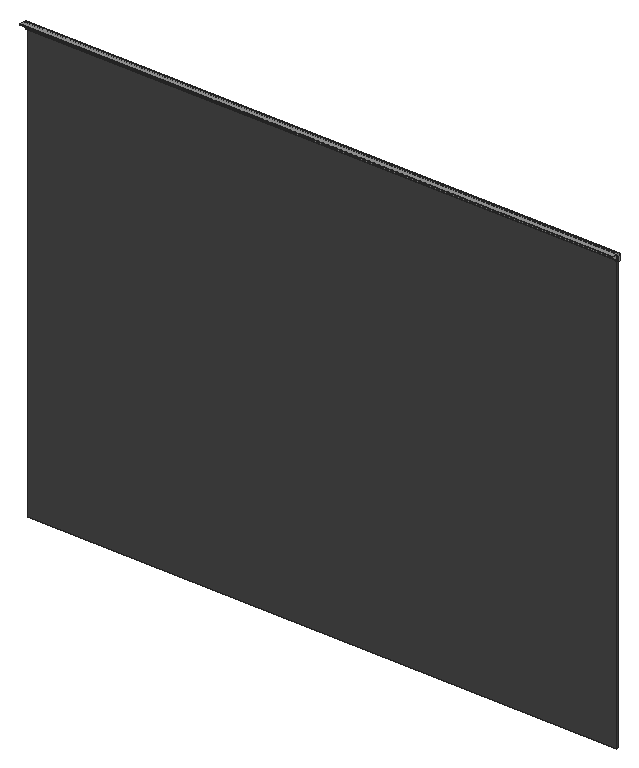
Revit family "ENG Małkowski Martech_Brama_Marc-KDS - oparta na ścianie", category Doors, host Wall, Revit 2020
Family settings
  Host = Wall
  OmniClass Number = 23.30.10.00
  OmniClass Title = Doors
  Always vertical = Yes
  Cut with Voids When Loaded = No
  Shared = No
  Room Calculation Point = Yes
Parameters (values of type "Shaft box ceiling-suspended")
  ►Gr [instance] = Wall thickness  # 300 mm
  Structural / wall opening width So [instance] = 4000 mm
  Structural / wall opening height Ho [instance] = 3000 mm
  Opening width [instance] = if([Structural / wall opening width So] < 1000 mm, 1000 mm, if([Structural / wall opening width So] > 6000 mm, 6000 mm, [Structural / wall opening width So]))  # 4000 mm
  Opening height [instance] = if([Structural / wall opening height Ho] < 500 mm, 500 mm, if([Structural / wall opening height Ho] > 8000 mm, 8000 mm, [Structural / wall opening height Ho]))  # 3000 mm
  Model (Code) [instance] = if([Fire resistance class (Marc-Kds)] = 0, "KDS - D30 - S", if([Fire resistance class (Marc-Kds)] = 1, "KDS - D60 - S", if([Fire resistance class (Marc-Kds)] = 2, "KDS - D90 - S", if([Fire resistance class (Marc-Kds)] = 3, "KDS - D120 - S", if([Fire resistance class (Marc-Kds)] = 4, "KDS - DA - S", if([Fire resistance class (Marc-Kds)] = 5, "KDS - DH30 - S", if([Fire resistance class (Marc-Kds)] = 6, "KDS - DH60 - S", if([Fire resistance class (Marc-Kds)] = 7, "KDS - DH90 - S", if([Fire resistance class (Marc-Kds)] = 8, "KDS - DH120 - S", "KDS - DHA - S")))))))))  # "KDS - D30 - S"
  Height = 0 mm
  Fire resistance class (Marc-Kds) [instance] = 0
  Enclosure material [instance] = Małkowski-Martech_Gray
  Construction Type = "Static smoke barriers"  # constant formula
  URL = "https://www.malkowski.pl/produkty/marc-kds/"
  Width = 0 mm
  Curtain sheet = "non-flammable fiberglass fabric, standard gray-silver color, with a load strip attached to the bottom edge of the coat"  # constant formula
  Manufacturer = "Małkowski - Martech S.A."  # constant formula
  Keynote = ""
  Fire Rating = "D, DH"  # constant formula
  Type Image = 062-700x600-px-scale-730-547.jpg
  Model = "Marc - KDS"  # constant formula
  Configuration comment [instance] = if(or([Structural / wall opening width So] < 1000 mm, [Structural / wall opening height Ho] < 500 mm), "The given opening dimensions are not compatible with the specification sheet..", if([Structural / wall opening width So] > 6000 mm, "The maximum width of a single module is 6m. Wider curtains are made of several modules connected with connectors.", if([Structural / wall opening height Ho] > 8000 mm, "W przypadku kurtyn o większej wysokości niż 8m prosimy o kontakt z producentem.", "Correct dimensions have been entered")))  # "Correct dimensions have been entered"
  IfcExportAs = "IfcDoor"  # constant formula
  Installation depth [instance] = 0 mm
  Wall thickness [instance] = 300 mm
  Wall Closure = By host
  Function = Interior
  Installation elements = "steel angle bar 50x50x6 and flat bar 40x3 made of steel sheet, fixing with M6x25 hexagonal bolts and M10 steel anchors"  # constant formula
  Curtain length [instance] = Clear opening height + 40 mm  # 2990 mm
  Gate closed [instance] = not(Gate open)  # yes
  Clear opening width [instance] = Opening width  # 4000 mm
  Clear opening height [instance] = Opening height - 50 mm  # 2950 mm
  Gate open [instance] = no
Reference planes
  plane 1: y = 0
  plane 2 "Środek (Lewa/Prawa)": x = 0
  plane 3 "Lewa": x = -2000
  plane 4 "Prawa": x = 2000
  plane 5 "Góra otworu w murze": z = 3000
  plane 6 "Zewnętrzna": y = 150
  plane 7 "Wewnętrzna": y = -150
  plane 8: y = -150
  plane 9 "Środek obrotu": x = 37.5
  plane 10 "Podstawa parapetu": z = 0
  plane 11: x = -1990
  plane 12: x = 1990
  plane 13: y = 150
  plane 14: y = 150
  plane 15: y = 147
Forms (mm)
  Extrusion 1, solid, material "Małkowski-Martech_Gray" <- "Enclosure material"
    sketch origin (0, -74, 0) x (0, -1, 0) y (0, 0, -1)
      loop
        line (-217.2, -3000) -> (-167.2, -3000) -> (-167.2, -2996.5)
        arc (-167.2, -2996.5) -> (-167.932, -2994.732) -> (-169.7, -2994) r 2.5
        line (-169.7, -2994) -> (-208.295, -2994)
        arc (-208.295, -2994) -> (-210.349, -2993.149) -> (-211.2, -2991.095) r 2.905
        line (-211.2, -2991.095) -> (-211.2, -2952.535)
        arc (-211.2, -2952.535) -> (-211.943, -2950.743) -> (-213.735, -2950) r 2.535
        line (-213.735, -2950) -> (-217.2, -2950) -> (-217.2, -3000)
      loop
        line (-221, -2950) -> (-224, -2950) -> (-224, -2990) -> (-221, -2990) -> (-221, -2950)
    from -2000 to 2000
Lines and regions (mm)
  Opening 1
    outline origin (-3050, -150, 0) x (1, 0, 0) y (0, 0, 1)
      loop
        line (1050, 0) -> (5050, 0) -> (5050, 3000) -> (1050, 3000) -> (1050, 0)
Text (mm)
  text "Zewnętrzne" at (-2295.016, 1099.543, 0), in view "Poziom odniesienia"
  text "Zewnętrzne" at (0, 1615.38, 3698.081), in view "Lewa"
  text "Zewnętrzne" at (0, 1036.032, 3874.932), in view "Prawa"
Dimensions and locks
  equal spacing: plane 3 "Lewa", plane 2 "Środek (Lewa/Prawa)", plane 4 "Prawa"
  "Opening width": plane 3 "Lewa" to plane 4 "Prawa"
  host wall to plane 5 "Góra otworu w murze" = 3000 mm  (x2)
  locked: plane 6 "Zewnętrzna" to host wall
  locked: plane 7 "Wewnętrzna" to host wall
  plane 3 "Lewa" to plane 4 "Prawa" = 4000 mm
  "Wall thickness": host wall to host wall
  level to plane 10 "Podstawa parapetu" = 0 mm
  locked: plane 3 "Lewa" to plane 11 at 10
  locked: plane 12 to plane 4 "Prawa" at 10
  locked: Extrusion 1 sketch curve to Extrusion 1 sketch curve at 40
  locked: Extrusion 1 sketch curve to Extrusion 1 sketch curve at 50  (x2)
  "►Gr": plane 13 to plane 8
  equal spacing: plane 13, plane 1, plane 8
  locked: plane 14 to plane 15 at 3
  "Installation depth": plane 13 to plane 14
  "Opening height": plane 5 "Góra otworu w murze" to plane 10 "Podstawa parapetu"
  aligned and locked: plane 3 "Lewa" to Opening 1 sketch curve
  aligned and locked: plane 5 "Góra otworu w murze" to Opening 1 sketch curve  (x2)
  aligned and locked: Opening 1 sketch curve to plane 4 "Prawa"
  aligned and locked: Opening 1 sketch curve to level
  aligned and locked: host wall to plane 1
  aligned and locked: nested 1 to plane 12
  aligned and locked: plane 11 to nested 1
  aligned and locked: plane 3 "Lewa" to Extrusion 1
  aligned and locked: Extrusion 1 to plane 4 "Prawa"
  aligned and locked: nested 1 to plane 15
  aligned and locked: Extrusion 1 sketch curve to plane 14
Automatic sketch dimensions
  plane 5 "Góra otworu w murze" to Extrusion 1 sketch curve = 0 mm
  Extrusion 1 sketch curve to Extrusion 1 sketch curve = 3 mm
  Extrusion 1 sketch curve to Extrusion 1 sketch curve = 3.8 mm
  Extrusion 1 sketch curve to Extrusion 1 sketch curve = 3.465 mm
  Extrusion 1 sketch curve to Extrusion 1 sketch curve = 9.8 mm
  Extrusion 1 sketch curve to Extrusion 1 sketch curve = 2.905 mm
  Extrusion 1 sketch curve to Extrusion 1 sketch curve = 2.5 mm
  Extrusion 1 sketch curve to Extrusion 1 sketch curve = 1.095 mm
  Extrusion 1 sketch curve to Extrusion 1 sketch curve = 0 mm
Nested families
  nested 1: "Curtain door" at (0, 147, 0), Wysokość kurtyny <- "Curtain length", visible <- "Gate closed", type "Curtain door"
    with Wysokość kurtyny 2990 mm, Szerokość kurtyny korekta 3910 mm, Szerokość kurtyny 3980 mm
Definition of nested family "Curtain door"
  Parameters (values of type "Drzwi kurtynowe")
    Wysokość kurtyny [instance] = 3000 mm
    Szerokość kurtyny korekta [instance] = 3000 mm
    Szerokość kurtyny [instance] = Szerokość kurtyny korekta + 70 mm  # 3070 mm
    Default Elevation = 0 mm
  Reference planes
    plane 1 "Środek (Przód/Tył)": y = 0
    plane 2: z = 0
    plane 3 "Środek (Lewa/Prawa)": x = 0
    plane 4: x = -1535
    plane 5: x = 1535
  Forms (mm)
    Extrusion 1, solid
      sketch origin (0, -30, 0) x (1, 0, 0) y (0, 1, 0)
        loop
          line (-1535, 26.2) -> (1535, 26.2) -> (1535, 30) -> (-1535, 30) -> (-1535, 26.2)
      from 0 to 3000 <- "Wysokość kurtyny"
  Dimensions and locks
    equal spacing: plane 4, plane 3 "Środek (Lewa/Prawa)", plane 5
    "Szerokość kurtyny": plane 4 to plane 5
    locked: Extrusion 1 sketch curve to Extrusion 1 sketch curve at 3.8
    aligned and locked: level to plane 2
  Automatic sketch dimensions
    plane 1 "Środek (Przód/Tył)" to Extrusion 1 sketch curve = 0 mm
    Extrusion 1 sketch curve to plane 4 = 0 mm
    Extrusion 1 sketch curve to plane 5 = 0 mm
